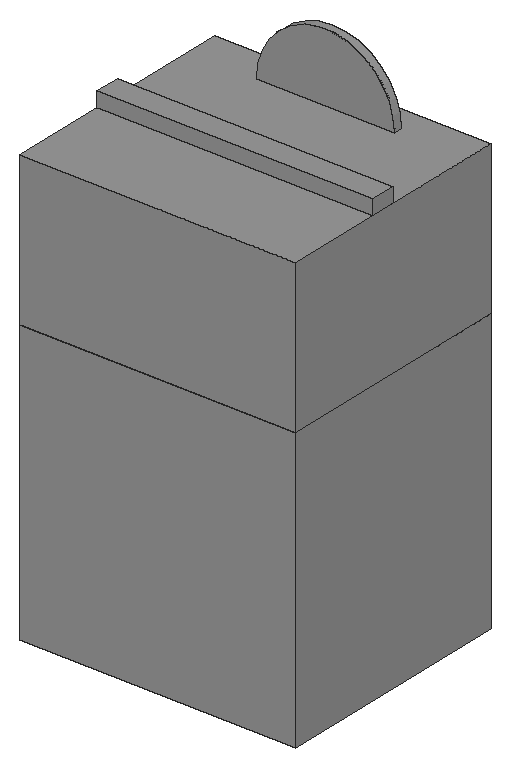
Revit family "АВЛН_Станок фуговально-пилильный", category Мебель, Revit 2019
Family settings
  Номер OmniClass = 23.40.20.00
  Заголовок OmniClass = General Furniture and Specialties
  На основе рабочей плоскости = Нет
  Всегда вертикально = Да
  При загрузке вырезать с полостями = Нет
  Общий = Нет
  Точка расчета площади = Нет
Parameters (values of type "Станок фуговально-пильный")
  Тумба высота = 780 mm  # constant formula
  Описание = "Станок фуговально-пильный,\r\n700Х670Х420ММ; Э3Ф; 380В; 1,7КВТ"
  Type Comments = ""
  Keynote = ""
  Manufacturer = ""
  Группа модели = "Оборудование основных помещений школы"
  ADSK_Размер_Ширина = 670 mm
  ADSK_Размер_Длина = 760 mm
  ADSK_Размер_Высота = 1200 mm
  ADSK_Обозначение = "ИЭ6009А2"
  ADSK_Масса = 0
  ADSK_Код изделия = ""
  ADSK_Единица измерения = "шт"  # constant formula
Reference planes
  plane 1 "По центру (Вперед/Назад)": y = 0
  plane 2: z = 0
  plane 3 "По центру (Влево/Вправо)": x = 0
  plane 4: z = 1200
  plane 5: y = 335
  plane 6: x = 380
  plane 7: x = -380
  plane 8: y = -335
  plane 9: z = 780
Forms (mm)
  Extrusion 1, solid, material "Металл, окрашенный, белый, матовый"
    sketch origin (0, -518.993, 592.976) x (-1, 0, 0) y (0, -1, 0)
      loop
        line (-380, -853.993) -> (380, -853.993) -> (380, -183.993) -> (-380, -183.993) -> (-380, -853.993)
    from -592.976 to 187.024
  Extrusion 2, solid, material "Железо, сварочное"
    sketch origin (0, -518.993, 592.976) x (-1, 0, 0) y (0, -1, 0)
      loop
        line (380, -853.993) -> (380, -183.993) -> (-380, -183.993) -> (-380, -853.993) -> (380, -853.993)
    from 187.024 to 607.024
  Extrusion 3, solid, material "Железо, сварочное"
    sketch origin (0, 0, 0) x (1, 0, 0) y (0, 0, 1)
      loop
        arc (190, 1200) -> (0, 1390) -> (-190, 1200) r 190
        line (-190, 1200) -> (190, 1200)
    from -265.039 to -242.635
  Extrusion 4, solid, material "Железо, сварочное"
    sketch origin (0, -518.993, 1052.976) x (-1, 0, 0) y (0, -1, 0)
      loop
        line (380, -518.993) -> (380, -448.993) -> (-380, -448.993) -> (-380, -518.993) -> (380, -518.993)
    from 147.024 to 187.024
Dimensions and locks
  plane 2 to plane 4 = 1200 mm
  equal spacing: plane 8, plane 1 "По центру (Вперед/Назад)", plane 5
  equal spacing: plane 7, plane 3 "По центру (Влево/Вправо)", plane 6
  "ADSK_Размер_Длина": plane 7 to plane 6
  "ADSK_Размер_Ширина": plane 5 to plane 8
  "ADSK_Размер_Высота": plane 2 to plane 4
  "Тумба высота": level to plane 9
  Extrusion 2 to Extrusion 3 to Extrusion 3 = 69.961 mm locked, 22.404 mm locked
  equal spacing: Extrusion 3, plane 3 "По центру (Влево/Вправо)", Extrusion 3
  locked: Extrusion 4 sketch curve to plane 1 "По центру (Вперед/Назад)" at 70
  locked: plane 4 to Extrusion 4 at 40
  radius of Extrusion 3 sketch curve = 190 mm
  aligned and locked: level to plane 2
  aligned and locked: Extrusion 1 sketch curve to plane 5
  aligned and locked: Extrusion 1 sketch curve to plane 6
  aligned and locked: Extrusion 1 sketch curve to plane 8
  aligned and locked: Extrusion 1 sketch curve to plane 7
  aligned and locked: Extrusion 1 to level
  aligned and locked: plane 9 to Extrusion 1
  aligned and locked: Extrusion 2 sketch curve to plane 5
  aligned and locked: Extrusion 2 sketch curve to plane 7
  aligned and locked: Extrusion 2 sketch curve to plane 8
  aligned and locked: Extrusion 2 sketch curve to plane 6
  aligned and locked: Extrusion 2 to plane 4
  aligned and locked: Extrusion 2 to plane 9
  aligned and locked: plane 4 to Extrusion 3 sketch curve
  aligned and locked: plane 1 "По центру (Вперед/Назад)" to Extrusion 4 sketch curve
  aligned and locked: Extrusion 4 sketch curve to Extrusion 2  (x2)
  aligned and locked: plane 4 to Extrusion 4
Automatic sketch dimensions
  Extrusion 3 sketch curve to plane 6 = 380 mm
  Extrusion 3 sketch curve to plane 4 = 0 mm
